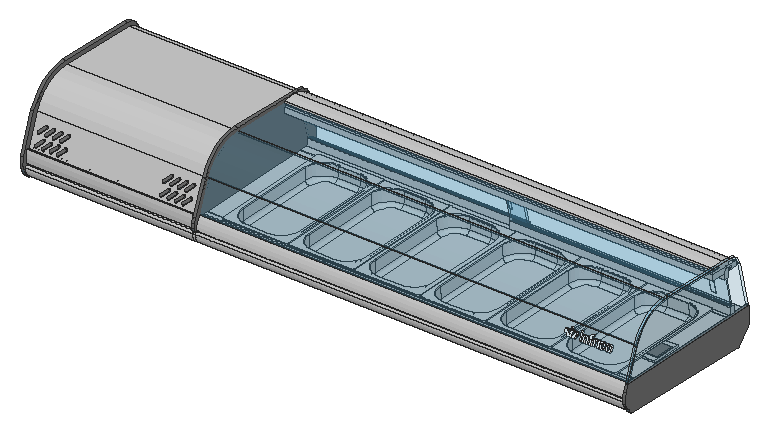
Revit family "QF_INFRICO_VET6P_250815111257", category Specialty Equipment, Revit 2021
Family settings
  Round Connector Dimension = Use Diameter
  Part Type = Normal
  OmniClass Number = 23.40.40.14
  OmniClass Title = Food Service Equipment
  Work Plane-Based = No
  Always vertical = Yes
  Cut with Voids When Loaded = No
  Shared = No
  Room Calculation Point = No
Parameters (values of type "VET6P")
  Weight [instance] = 43.0006 kg
  Warranty Start Date [instance] = ""
  Warranty Duration [instance] = ""
  Volts [instance] = 230 V
  Volt Free Conn [instance] = no
  URL Recommended Spares List [instance] = ""
  URL Manufacturer [instance] = ""
  URL Cutsheet [instance] = ""
  URL Critical Spares List [instance] = ""
  URL = "www.infrico.com"
  Technical Documentation [instance] = ""
  Tag Number [instance] = ""
  Status [instance] = ""
  Start Up Current [instance] = 0 A
  Specification by User [instance] = ""
  Specification by Manufacturer [instance] = ""
  Sound Level [instance] = ""
  Show Logo [instance] = yes
  Show Clearances [instance] = yes
  Service Life Duration [instance] = ""
  Serial Number [instance] = ""
  Seismic Rating [instance] = ""
  SMACNA No [instance] = ""
  Revision Code [instance] = ""
  Revision [instance] = ""
  Production Year [instance] = ""
  Potential Equalisation [instance] = no
  Point Load [instance] = 0
  Phase [instance] = 1
  Other Equipment Approvals [instance] = ""
  Operational Current [instance] = 0 A
  Number of Poles [instance] = 2
  No Load Power Draw [instance] = no
  NAFEM Spec ID Number [instance] = ""
  Model Warning [instance] = ""
  Model = "VET6P"
  Min Ckt Ampacity [instance] = 0 A
  Max Overcurrent Protection [instance] = 0 A
  Masterspec [instance] = ""
  Manufacturer = "INFRICO"
  Main switch integrated [instance] = no
  Length Actual [instance] = 1620.012 mm
  Item Number [instance] = ""
  Installed By [instance] = ""
  Installation Date [instance] = ""
  Identify Quantity as Lot [instance] = no
  ID [instance] = ""
  Hygiene Approval [instance] = ""
  Height Actual [instance] = 230.124 mm
  HP power [instance] = ""
  Furnished By [instance] = ""
  Foodservice Equipment Identifier [instance] = no
  FL Amps [instance] = 0 A
  Electrical Remarks [instance] = ""
  Electric power [instance] = 130 W
  Electric Connection Type [instance] = ""
  Elec Conn RI Height [instance] = 0 mm
  Elec Conn Connection Height [instance] = 0 mm
  ETL Approved [instance] = no
  Description = "BAR DISPLAY EXHIBITOR TAPAS AND APPETIZERS - R600"
  Depth Actual [instance] = 409.956 mm
  Default Elevation = 0 mm
  Cycle [instance] = 50 Hz
  Cost = 0
  Connection to energy optimisation system [instance] = yes
  Conn Plug [instance] = ""
  Conn Conduit [instance] = no
  Centralized building control system with digital interface [instance] = ""
  CSI MasterFormat [instance] = ""
  CE Approved [instance] = no
  Barcode [instance] = 0
  Author [instance] = ""
  Asset Identifier [instance] = ""
  Apparent Power [instance] = 130 VA
  Accessory [instance] = no
Reference planes
  plane 1 "Center (Front/Back)": y = 0
  plane 2: z = 0
  plane 3 "Center (Left/Right)": x = 0
Forms (mm)
  Extrusion 1, solid, not visible
    sketch origin (38.002, -44.002, 9) x (1, 0, 0) y (0, 1, 0)
      loop
        line (-2, 2) -> (-2, -2) -> (2, -2) -> (2, 2) -> (-2, 2)
    from -2 to 2
Dimensions and locks
  locked: nested 2 to Extrusion 1 at 2  (x2)
  aligned and locked: level to plane 2
Nested families
  nested 1: "QF_INFRICO_VET6P_2920" at (0, 0, 0), type "VET6P"
    with Weight 43.0006 kg, Warranty Start Date "", Warranty Duration "", URL Cutsheet "", Technical Documentation "", Tag Number "", Status "", Specification by User "", Specification by Manufacturer "", Sound Level "", Solid Fuel Type "", Show Logo yes, Show Clearances yes, Show Clearance yes, Service Life Duration "", Serial Number "", Seismic Rating "", SMACNA No "", Revision Code "", Revision "", Production Year "", Point Load 0, Other Equipment Approvals "", NAFEM Spec ID Number "", Model Warning "", Masterspec "", Length Actual 1620.012 mm, Item Number "", Installed By "", Installation Date "", Identify Quantity as Lot yes, ID "", Hygiene Approval "", Height Actual 230.124 mm, Furnished By "", Foodservice Equipment Identifier yes, ETL Approved yes, Depth Actual 409.956 mm, CSI MasterFormat "", CE Approved no, Barcode "", Author "", Asset Identifier "", Accessory no
  nested 2: "CONN_POINT_ELE_2D___Generic_Annotation" at (38.002, -44.002, 7), type "CONN_POINT_ELE_2D___Generic_Annotation"
    with Onboard connection annotation symbol visibility yes
Connectors
  electrical at (38.002, -44.002, 7), driven by "Apparent Power", driven by "Number of Poles", driven by "Volts"
    settings: on Extrusion 1, index 1, voltage 230 V, apparent load 0 VA, apparent load phase1 130 VA, apparent load phase2 0 VA, apparent load phase3 0 VA, power factor 1, load classification "Other", number of poles 2, system type 31, power factor state 1, is connector primary yes, connector utility no, sub classification motor no, connector description "Electrical connection for VET6P"
Definition of nested family "QF_INFRICO_VET6P_2920"
  Parameters (values of type "VET6P")
    Weight [instance] = 0.00 kg
    Warranty Start Date [instance] = ""
    Warranty Duration [instance] = ""
    URL Cutsheet [instance] = ""
    URL = "www.infrico.com"
    Technical Documentation [instance] = ""
    Tag Number [instance] = ""
    Status [instance] = ""
    Specification by User [instance] = ""
    Specification by Manufacturer [instance] = ""
    Sound Level [instance] = ""
    Solid Fuel Type [instance] = ""
    Show Logo [instance] = yes
    Show Clearances [instance] = yes
    Show Clearance [instance] = yes
    Service Life Duration [instance] = ""
    Serial Number [instance] = ""
    Seismic Rating [instance] = ""
    SMACNA No [instance] = ""
    Revision Code [instance] = ""
    Revision [instance] = ""
    Production Year [instance] = ""
    Point Load [instance] = 0
    Other Equipment Approvals [instance] = ""
    NAFEM Spec ID Number [instance] = ""
    Model Warning [instance] = ""
    Model = "VET6P"
    Masterspec [instance] = ""
    Manufacturer = "INFRICO"
    Length Actual [instance] = 0 mm
    Item Number [instance] = ""
    Installed By [instance] = ""
    Installation Date [instance] = ""
    Identify Quantity as Lot [instance] = yes
    ID [instance] = ""
    Hygiene Approval [instance] = ""
    Height Actual [instance] = 0 mm
    Furnished By [instance] = ""
    Foodservice Equipment Identifier [instance] = yes
    ETL Approved [instance] = yes
    Description = "BAR DISPLAY EXHIBITOR TAPAS AND APPETIZERS - R600"
    Depth Actual [instance] = 0 mm
    Default Elevation = 0 mm
    CSI MasterFormat [instance] = ""
    CE Approved [instance] = yes
    Barcode [instance] = ""
    Author [instance] = ""
    Asset Identifier [instance] = ""
    Assembly Code = "E1090320"
    Accessory [instance] = yes
  Reference planes
    plane 1 "Back": y = 0
    plane 2: z = 0
    plane 3 "Left": x = 0
    plane 4 "Right": x = 1620
    plane 5 "Front": y = -410
    plane 6 "Top": z = 230
  Forms (mm)
    Extrusion 1, solid
      sketch origin (0, 0, 0) x (0, 1, 0) y (0, 0, 1)
        loop
          arc (-36, 5) -> (-33.764, 5.528) -> (-32, 7) r 5
          line (-32, 7) -> (-1, 42)
          arc (-1, 42) -> (-0.257, 43.419) -> (0, 45) r 5
          line (0, 45) -> (0, 93) -> (-25, 203)
          arc (-25, 203) -> (-37.292, 222.429) -> (-59, 230) r 34.907
          line (-59, 230) -> (-266.176, 230)
          arc (-266.176, 230) -> (-331.51, 209.383) -> (-373.176, 155) r 113.827
          line (-373.176, 155) -> (-407.176, 61)
          arc (-407.176, 61) -> (-407.489, 29.671) -> (-388.176, 5) r 47.366
          line (-388.176, 5) -> (-36, 5)
      from 0 to 8
    Extrusion 2, solid
      sketch origin (458, 0, 0) x (0, 1, 0) y (0, 0, 1)
        loop
          line (-59, 230) -> (-266.176, 230)
          arc (-266.176, 230) -> (-331.51, 209.383) -> (-373.176, 155) r 113.827
          line (-373.176, 155) -> (-407.176, 61)
          arc (-407.176, 61) -> (-408.779, 55.576) -> (-409.723, 50) r 47.366
          arc (-409.723, 50) -> (-407.199, 42.249) -> (-399.723, 39) r 9.929
          line (-399.723, 39) -> (-362.091, 39) -> (-362.091, 5) -> (-95.091, 5) -> (-95.091, 78) -> (-58.091, 78) -> (-58.091, 85) -> (-4.091, 85) -> (-4.091, 111) -> (-25, 203)
          arc (-25, 203) -> (-37.292, 222.429) -> (-59, 230) r 34.907
      from 0 to 8
    Extrusion 3, solid
      sketch origin (0, 0, 0) x (0, 1, 0) y (0, 0, 1)
        loop
          line (-59, 221) -> (-266.176, 221)
          arc (-266.176, 221) -> (-326.388, 201.982) -> (-364.752, 151.829) r 104.827
          line (-364.752, 151.829) -> (-398, 59.909) -> (-396.119, 59.228) -> (-389.691, 77) -> (-387.723, 77) -> (-384.723, 74) -> (-379.723, 74) -> (-379.723, 49)
          arc (-379.723, 49) -> (-382.652, 41.929) -> (-389.723, 39) r 10
          line (-389.723, 39) -> (-399.723, 39)
          arc (-399.723, 39) -> (-403.098, 36.729) -> (-404.723, 33) r 7.268
          arc (-404.723, 33) -> (-399.374, 15.527) -> (-382.723, 8) r 22.18
          line (-382.723, 8) -> (-36.98, 8) -> (-4.091, 45) -> (-4.091, 85) -> (-20, 85) -> (-20, 154) -> (-30, 197)
          arc (-30, 197) -> (-40.178, 214.222) -> (-59, 221) r 29.521
      from 8 to 458
    Extrusion 4, solid
      sketch origin (0, 0, 0) x (0, 1, 0) y (0, 0, 1)
        loop
          line (-398, 77) -> (-399, 77)
          arc (-399, 77) -> (-399.594, 76.594) -> (-400, 76) r 1.947
          arc (-400, 76) -> (-402, 59) -> (-400, 42) r 73.25
          line (-400, 42) -> (-398, 42) -> (-398, 49) -> (-390, 49) -> (-390, 42) -> (-388, 42) -> (-388, 77) -> (-389, 77) -> (-390, 76) -> (-390, 57) -> (-398, 57) -> (-398, 77)
      from 8 to 458
    Extrusion 5, solid
      sketch origin (0, 0, 0) x (0, 1, 0) y (0, 0, 1)
        loop
          arc (-404.723, 33) -> (-399.374, 15.527) -> (-382.723, 8) r 22.18
          line (-382.723, 8) -> (-382.723, 10)
          arc (-382.723, 10) -> (-397.873, 16.849) -> (-402.74, 32.746) r 20.18
          arc (-402.74, 32.746) -> (-401.652, 35.337) -> (-399.386, 37) r 5.268
          line (-399.386, 37) -> (-389.723, 37)
          arc (-389.723, 37) -> (-381.238, 40.515) -> (-377.723, 49) r 12
          line (-377.723, 49) -> (-377.723, 72) -> (-369.723, 72) -> (-369.723, 63) -> (-367.723, 63) -> (-367.723, 74) -> (-379.723, 74) -> (-379.723, 49)
          arc (-379.723, 49) -> (-382.652, 41.929) -> (-389.723, 39) r 10
          line (-389.723, 39) -> (-399.723, 39)
          arc (-399.723, 39) -> (-403.098, 36.729) -> (-404.723, 33) r 7.268
      from 466 to 1612
    Extrusion 6, solid
      sketch origin (-8, 0, 0) x (0, 1, 0) y (0, 0, 1)
        loop
          arc (-404.723, 33) -> (-399.374, 15.527) -> (-382.723, 8) r 22.18
          line (-382.723, 8) -> (-382.723, 10)
          arc (-382.723, 10) -> (-397.873, 16.849) -> (-402.74, 32.746) r 20.18
          arc (-402.74, 32.746) -> (-401.652, 35.337) -> (-399.386, 37) r 5.268
          line (-399.386, 37) -> (-389.723, 37) -> (-389.723, 39) -> (-399.723, 39)
          arc (-399.723, 39) -> (-403.098, 36.729) -> (-404.723, 33) r 7.268
      from 466 to 474
    Extrusion 7, solid
      sketch origin (0, 0, 0) x (0, 1, 0) y (0, 0, 1)
        loop
          line (-379.723, 66) -> (-382.723, 66) -> (-382.723, 49)
          arc (-382.723, 49) -> (-384.774, 44.05) -> (-389.723, 42) r 7
          line (-389.723, 42) -> (-391.565, 51.238) -> (-383.884, 72.475) -> (-385.765, 73.155) -> (-392.568, 54.348) -> (-399.15, 56.729) -> (-392.346, 75.541) -> (-393.131, 76.133)
          arc (-393.131, 76.133) -> (-393.871, 76.325) -> (-394.531, 75.937) r 1
          arc (-394.531, 75.937) -> (-402.595, 60.751) -> (-405.533, 43.81) r 54.562
          line (-405.533, 43.81) -> (-404.723, 43) -> (-398.723, 43) -> (-397.723, 39) -> (-389.723, 39)
          arc (-389.723, 39) -> (-382.652, 41.929) -> (-379.723, 49) r 10
          line (-379.723, 49) -> (-379.723, 66)
      from 466 to 1612
    Extrusion 8, solid
      sketch origin (0, 0, 0) x (0, 1, 0) y (0, 0, 1)
        loop
          line (-84.091, 221) -> (-84.091, 216) -> (-109.091, 216) -> (-109.091, 210) -> (-69.091, 210) -> (-69.091, 215) -> (-62.091, 215) -> (-62.091, 210) -> (-59.091, 210) -> (-59.091, 220)
          arc (-59.091, 220) -> (-51.525, 219.498) -> (-44.091, 218) r 57.25
          line (-44.091, 218) -> (-36.091, 211) -> (-34.774, 212.505)
          arc (-34.774, 212.505) -> (-54.577, 225.298) -> (-77.774, 229.505) r 60.199
          arc (-77.774, 229.505) -> (-93.946, 228.105) -> (-109.774, 224.505) r 118.311
          line (-109.774, 224.505) -> (-109.774, 221) -> (-84.091, 221)
      from 466 to 1612
    Extrusion 9, solid
      sketch origin (0, 0, 0) x (0, 1, 0) y (0, 0, 1)
        loop
          line (-84.091, 221) -> (-266.176, 221)
          arc (-266.176, 221) -> (-326.388, 201.982) -> (-364.752, 151.829) r 104.827
          line (-364.752, 151.829) -> (-399.15, 56.729) -> (-394.448, 55.028) -> (-360.05, 150.128)
          arc (-360.05, 150.128) -> (-323.516, 197.889) -> (-266.176, 216) r 99.827
          line (-266.176, 216) -> (-84.091, 216) -> (-84.091, 221)
      from 466 to 1612
    Extrusion 10, solid
      sketch origin (0, 0, 0) x (0, 1, 0) y (0, 0, 1)
        loop
          line (-110.091, 210) -> (-110.091, 197) -> (-66.091, 197) -> (-66.091, 198) -> (-68.091, 198) -> (-69.091, 199) -> (-69.091, 207) -> (-58.091, 207) -> (-58.091, 199) -> (-59.091, 198) -> (-61.091, 198) -> (-61.091, 197) -> (-53.091, 197) -> (-53.091, 198) -> (-55.091, 198) -> (-56.091, 199) -> (-56.091, 207) -> (-45.091, 207) -> (-45.091, 199) -> (-46.091, 198) -> (-48.091, 198) -> (-48.091, 197) -> (-31.091, 197) -> (-33.091, 210) -> (-110.091, 210)
      from 466 to 1612
    Extrusion 11, solid
      sketch origin (0, 500, 0) x (0, 1, 0) y (0, 0, 1)
        loop
          line (-504.091, 85) -> (-558.091, 85) -> (-558.091, 10) -> (-882.723, 10) -> (-882.723, 8) -> (-536.98, 8) -> (-504.091, 45) -> (-504.091, 85)
      from 466 to 1612
    Extrusion 12, solid
      sketch origin (466, 500, 0) x (0, 1, 0) y (0, 0, 1)
        loop
          line (-558.091, 85) -> (-867.723, 74) -> (-867.723, 10) -> (-558.091, 10) -> (-558.091, 85)
      from 0 to 50
    Extrusion 13, solid
      sketch origin (1562, 500, 0) x (0, 1, 0) y (0, 0, 1)
        loop
          line (-558.091, 85) -> (-867.723, 74) -> (-867.723, 10) -> (-558.091, 10) -> (-558.091, 85)
      from 0 to 50
    Extrusion 14, solid
      sketch origin (0, 500, -10) x (0, 1, 0) y (0, 0, 1)
        loop
          line (-558.091, 47) -> (-558.091, 49) -> (-867.723, 38) -> (-867.723, 36) -> (-558.091, 47)
      from 516 to 1612
    Extrusion 15, solid
      sketch origin (466, -500, 0) x (0, 1, 0) y (0, 0, 1)
        loop
          line (453.909, 198) -> (453.909, 206) -> (444.909, 206) -> (444.909, 198) -> (446.909, 198) -> (446.909, 197) -> (444.409, 197) -> (444.409, 181) -> (446.409, 181) -> (446.409, 187) -> (452.409, 187) -> (452.409, 181) -> (454.409, 181) -> (454.409, 197) -> (451.909, 197) -> (451.909, 198) -> (453.909, 198)
      from 0 to 591
    Extrusion 16, solid
      sketch origin (1197, -513, 0) x (0, 1, 0) y (0, 0, 1)
        loop
          line (453.909, 198) -> (453.909, 206) -> (444.909, 206) -> (444.909, 198) -> (446.909, 198) -> (446.909, 197) -> (444.409, 197) -> (444.409, 181) -> (446.409, 181) -> (446.409, 187) -> (452.409, 187) -> (452.409, 181) -> (454.409, 181) -> (454.409, 197) -> (451.909, 197) -> (451.909, 198) -> (453.909, 198)
      from -176 to 415
    Extrusion 17, solid
      sketch origin (466, -480, 286) x (0, 1, 0) y (0, 0, 1)
        loop
          line (454.409, -201) -> (454.409, -181) -> (452.409, -181) -> (452.409, -187) -> (446.409, -187) -> (446.409, -181) -> (444.409, -181) -> (444.409, -201) -> (454.409, -201)
      from 0 to 591
    Extrusion 18, solid
      sketch origin (1197, -493, 286) x (0, 1, 0) y (0, 0, 1)
        loop
          line (454.409, -201) -> (454.409, -181) -> (452.409, -181) -> (452.409, -187) -> (446.409, -187) -> (446.409, -181) -> (444.409, -181) -> (444.409, -201) -> (454.409, -201)
      from -176 to 415
    Extrusion 19, solid
      sketch origin (176, -500, 0) x (0, 1, 0) y (0, 0, 1)
        loop
          line (472.409, 101.654) -> (451.257, 185.55) -> (446.409, 184.328) -> (467.561, 100.432) -> (472.409, 101.654)
      from 841 to 881
    Extrusion 20, solid
      sketch origin (555, -513, 0) x (0, 1, 0) y (0, 0, 1)
        loop
          line (472.409, 101.654) -> (451.257, 185.55) -> (446.409, 184.328) -> (467.561, 100.432) -> (472.409, 101.654)
      from 466 to 1005
    Extrusion 21, solid
      sketch origin (1005, 0, 0) x (0, 1, 0) y (0, 0, 1)
        loop
          line (-48.743, 185.55) -> (-53.591, 184.328) -> (-32.439, 100.432) -> (-27.591, 101.654) -> (-33.277, 124.209)
          arc (-33.277, 124.209) -> (-40.106, 143.113) -> (-43.056, 162.995) r 101
          line (-43.056, 162.995) -> (-48.743, 185.55)
      from 0 to 12
    Extrusion 22, solid
      sketch origin (-52, -500, 0) x (0, 1, 0) y (0, 0, 1)
        loop
          line (472.409, 101.654) -> (451.257, 185.55) -> (446.409, 184.328) -> (467.561, 100.432) -> (472.409, 101.654)
      from 518 to 1057
    Extrusion 23, solid
      sketch origin (1560, -13, 0) x (0, 1, 0) y (0, 0, 1)
        loop
          line (-48.743, 185.55) -> (-53.591, 184.328) -> (-32.439, 100.432) -> (-27.591, 101.654) -> (-33.277, 124.209)
          arc (-33.277, 124.209) -> (-40.106, 143.113) -> (-43.056, 162.995) r 101
          line (-43.056, 162.995) -> (-48.743, 185.55)
      from 0 to 12
    Extrusion 24, solid
      sketch origin (1106, -513, 0) x (0, 1, 0) y (0, 0, 1)
        loop
          line (472.409, 101.654) -> (451.257, 185.55) -> (446.409, 184.328) -> (467.561, 100.432) -> (472.409, 101.654)
      from 466 to 506
    Extrusion 25, solid
      sketch origin (1612, 0, 0) x (0, 1, 0) y (0, 0, 1)
        loop
          arc (-36, 5) -> (-33.764, 5.528) -> (-32, 7) r 5
          line (-32, 7) -> (-1, 42)
          arc (-1, 42) -> (-0.257, 43.419) -> (0, 45) r 5
          line (0, 45) -> (0, 91) -> (-401.389, 77) -> (-407.176, 61)
          arc (-407.176, 61) -> (-407.489, 29.671) -> (-388.176, 5) r 47.366
          line (-388.176, 5) -> (-36, 5)
      from 0 to 8
    Extrusion 26, solid
      sketch origin (352, -500, 0) x (0, 1, 0) y (0, 0, 1)
        loop
          line (500, 91) -> (500, 93) -> (475, 203)
          arc (475, 203) -> (462.708, 222.429) -> (441, 230) r 34.907
          line (441, 230) -> (233.824, 230)
          arc (233.824, 230) -> (168.49, 209.383) -> (126.824, 155) r 113.827
          line (126.824, 155) -> (98.611, 77) -> (500, 91)
      from 1260 to 1268
    Extrusion 27, solid, visible <- "Show Logo"
      sketch origin (266.769, -613.278, -535.272) x (1, 0, 0) y (0, 0.340136, 0.940376)
        loop
          line (1208.799, 696.53) -> (1208.799, 719.204) -> (1204.173, 719.204) -> (1204.173, 696.53) -> (1208.799, 696.53)
        loop
          line (1214.779, 713.006) -> (1211.283, 713.006) -> (1211.283, 696.53) -> (1215.772, 696.53) -> (1215.772, 707.832)
          arc (1215.772, 707.832) -> (1217.528, 708.741) -> (1219.417, 709.324) r 11.052
          arc (1219.417, 709.324) -> (1220.929, 708.961) -> (1221.598, 707.557) r 1.806
          line (1221.598, 707.557) -> (1221.598, 696.53) -> (1226.121, 696.53) -> (1226.121, 708.689)
          arc (1226.121, 708.689) -> (1224.637, 712.075) -> (1221.141, 713.281) r 4.607
          arc (1221.141, 713.281) -> (1218.282, 712.674) -> (1215.669, 711.361) r 11.435
          line (1215.669, 711.361) -> (1215.601, 712.184)
          arc (1215.601, 712.184) -> (1215.36, 712.765) -> (1214.779, 713.006) r 0.822
        loop
          line (1238.557, 720.102) -> (1237.306, 720.102)
          arc (1237.306, 720.102) -> (1235.052, 719.926) -> (1232.881, 719.297) r 11.103
          arc (1232.881, 719.297) -> (1230.805, 717.616) -> (1230.024, 715.062) r 4.567
          line (1230.024, 715.062) -> (1230.024, 712.909) -> (1227.351, 712.703) -> (1227.351, 709.374) -> (1230.024, 709.374) -> (1230.024, 696.53) -> (1234.547, 696.53) -> (1234.547, 709.374) -> (1238.249, 709.374) -> (1238.249, 712.938) -> (1234.547, 712.938) -> (1234.547, 714.548)
          arc (1234.547, 714.548) -> (1234.956, 715.705) -> (1236.045, 716.271) r 1.67
          line (1236.045, 716.271) -> (1237.7, 716.399)
          arc (1237.7, 716.399) -> (1238.306, 716.65) -> (1238.557, 717.255) r 0.857
          line (1238.557, 717.255) -> (1238.557, 720.102)
        loop
          line (1239.479, 713.006) -> (1239.479, 696.53) -> (1243.968, 696.53) -> (1243.968, 707.352)
          arc (1243.968, 707.352) -> (1245.873, 708.631) -> (1248.077, 709.268) r 7.435
          line (1248.077, 709.268) -> (1249.241, 709.416)
          arc (1249.241, 709.416) -> (1249.643, 709.758) -> (1249.793, 710.265) r 0.928
          line (1249.793, 710.265) -> (1249.793, 712.458)
          arc (1249.793, 712.458) -> (1249.531, 713.061) -> (1248.912, 713.28) r 0.824
          arc (1248.912, 713.28) -> (1246.197, 712.588) -> (1243.899, 710.984) r 7.833
          line (1243.899, 710.984) -> (1243.726, 713.006) -> (1239.479, 713.006)
        loop
          line (1255.495, 696.53) -> (1255.495, 713.006) -> (1251.006, 713.006) -> (1251.006, 696.53) -> (1255.495, 696.53)
        loop
          arc (1257.421, 701.327) -> (1258.567, 698.188) -> (1261.466, 696.525) r 4.873
          arc (1261.466, 696.525) -> (1264.493, 696.266) -> (1267.521, 696.525) r 17.816
          arc (1267.521, 696.525) -> (1270.575, 699.134) -> (1271.505, 703.041) r 6.481
          line (1271.505, 703.041) -> (1267.187, 703.041) -> (1267.187, 701.67)
          arc (1267.187, 701.67) -> (1266.64, 700.452) -> (1265.442, 699.865) r 1.965
          arc (1265.442, 699.865) -> (1264.547, 699.816) -> (1263.653, 699.865) r 8.196
          arc (1263.653, 699.865) -> (1262.417, 700.415) -> (1261.91, 701.67) r 1.806
          line (1261.91, 701.67) -> (1261.91, 707.9)
          arc (1261.91, 707.9) -> (1262.417, 709.155) -> (1263.653, 709.705) r 1.806
          arc (1263.653, 709.705) -> (1264.547, 709.754) -> (1265.442, 709.705) r 8.196
          arc (1265.442, 709.705) -> (1266.64, 709.118) -> (1267.187, 707.9) r 1.965
          line (1267.187, 707.9) -> (1267.187, 706.838) -> (1271.505, 706.838)
          arc (1271.505, 706.838) -> (1270.524, 710.556) -> (1267.521, 712.959) r 6.132
          arc (1267.521, 712.959) -> (1264.493, 713.294) -> (1261.466, 712.959) r 13.851
          arc (1261.466, 712.959) -> (1258.571, 711.349) -> (1257.421, 708.243) r 4.772
          line (1257.421, 708.243) -> (1257.421, 701.327)
        loop
          arc (1272.916, 701.329) -> (1273.993, 698.345) -> (1276.726, 696.734) r 4.676
          arc (1276.726, 696.734) -> (1278.515, 696.455) -> (1280.318, 696.291) r 28.371
          arc (1280.318, 696.291) -> (1282.122, 696.455) -> (1283.911, 696.734) r 28.371
          arc (1283.911, 696.734) -> (1286.644, 698.345) -> (1287.72, 701.329) r 4.676
          line (1287.72, 701.329) -> (1287.72, 708.242)
          arc (1287.72, 708.242) -> (1286.644, 711.226) -> (1283.911, 712.837) r 4.676
          arc (1283.911, 712.837) -> (1282.122, 713.116) -> (1280.318, 713.28) r 28.371
          arc (1280.318, 713.28) -> (1278.515, 713.116) -> (1276.726, 712.837) r 28.371
          arc (1276.726, 712.837) -> (1273.993, 711.226) -> (1272.916, 708.242) r 4.676
          line (1272.916, 708.242) -> (1272.916, 701.329)
        loop
          line (1277.405, 707.866) -> (1277.405, 701.705)
          arc (1277.405, 701.705) -> (1277.844, 700.556) -> (1278.936, 699.991) r 1.725
          arc (1278.936, 699.991) -> (1279.627, 699.918) -> (1280.318, 699.856) r 46.133
          arc (1280.318, 699.856) -> (1281.01, 699.918) -> (1281.701, 699.991) r 46.133
          arc (1281.701, 699.991) -> (1282.793, 700.556) -> (1283.231, 701.705) r 1.725
          line (1283.231, 701.705) -> (1283.231, 707.866)
          arc (1283.231, 707.866) -> (1282.793, 709.015) -> (1281.701, 709.58) r 1.725
          arc (1281.701, 709.58) -> (1281.01, 709.653) -> (1280.318, 709.716) r 46.133
          arc (1280.318, 709.716) -> (1279.627, 709.653) -> (1278.936, 709.58) r 46.133
          arc (1278.936, 709.58) -> (1277.844, 709.015) -> (1277.405, 707.866) r 1.725
        loop
          arc (1190.339, 696.543) -> (1191.411, 696.987) -> (1191.856, 698.059) r 1.516
          line (1191.856, 698.059) -> (1191.856, 703.891) -> (1196.035, 703.891)
          arc (1196.035, 703.891) -> (1196.79, 704.121) -> (1197.218, 704.782) r 1.147
          line (1197.218, 704.782) -> (1197.218, 706.211)
          arc (1197.218, 706.211) -> (1196.787, 707.258) -> (1195.719, 707.634) r 1.385
          line (1195.719, 707.634) -> (1194.52, 707.634) -> (1197.218, 710.332)
          arc (1197.218, 710.332) -> (1197.605, 711.266) -> (1197.218, 712.2) r 1.321
          line (1197.218, 712.2) -> (1196.495, 712.923)
          arc (1196.495, 712.923) -> (1195.54, 713.338) -> (1194.558, 712.991) r 1.422
          line (1194.558, 712.991) -> (1191.853, 710.286) -> (1191.853, 711.479)
          arc (1191.853, 711.479) -> (1191.443, 712.516) -> (1190.435, 712.992) r 1.516
          line (1190.435, 712.992) -> (1189.514, 712.992)
          arc (1189.514, 712.992) -> (1188.511, 712.514) -> (1188.103, 711.479) r 1.516
          line (1188.103, 711.479) -> (1188.103, 706.83) -> (1182.073, 701.336) -> (1182.073, 707.509) -> (1185.639, 711.075)
          arc (1185.639, 711.075) -> (1186.053, 712.073) -> (1185.639, 713.071) r 1.412
          line (1185.639, 713.071) -> (1184.987, 713.723)
          arc (1184.987, 713.723) -> (1183.939, 714.141) -> (1182.915, 713.667) r 1.428
          line (1182.915, 713.667) -> (1182.073, 712.825) -> (1182.073, 717.784)
          arc (1182.073, 717.784) -> (1181.658, 718.787) -> (1180.655, 719.203) r 1.418
          line (1180.655, 719.203) -> (1179.726, 719.203)
          arc (1179.726, 719.203) -> (1178.723, 718.787) -> (1178.308, 717.784) r 1.418
          line (1178.308, 717.784) -> (1178.308, 712.825) -> (1177.466, 713.667)
          arc (1177.466, 713.667) -> (1176.442, 714.141) -> (1175.394, 713.723) r 1.428
          line (1175.394, 713.723) -> (1174.742, 713.071)
          arc (1174.742, 713.071) -> (1174.328, 712.073) -> (1174.742, 711.075) r 1.412
          line (1174.742, 711.075) -> (1178.308, 707.509) -> (1178.308, 701.336) -> (1172.278, 706.83) -> (1172.278, 711.479)
          arc (1172.278, 711.479) -> (1171.87, 712.514) -> (1170.867, 712.992) r 1.516
          line (1170.867, 712.992) -> (1169.946, 712.992)
          arc (1169.946, 712.992) -> (1168.938, 712.516) -> (1168.528, 711.479) r 1.516
          line (1168.528, 711.479) -> (1168.528, 710.286) -> (1165.823, 712.991)
          arc (1165.823, 712.991) -> (1164.841, 713.338) -> (1163.886, 712.923) r 1.422
          line (1163.886, 712.923) -> (1163.163, 712.2)
          arc (1163.163, 712.2) -> (1162.776, 711.266) -> (1163.163, 710.332) r 1.321
          line (1163.163, 710.332) -> (1165.861, 707.634) -> (1164.662, 707.634)
          arc (1164.662, 707.634) -> (1163.594, 707.258) -> (1163.163, 706.211) r 1.385
          line (1163.163, 706.211) -> (1163.163, 704.782)
          arc (1163.163, 704.782) -> (1163.591, 704.121) -> (1164.346, 703.891) r 1.147
          line (1164.346, 703.891) -> (1168.525, 703.891) -> (1168.525, 698.059)
          arc (1168.525, 698.059) -> (1168.969, 696.987) -> (1170.042, 696.543) r 1.516
          line (1170.042, 696.543) -> (1190.339, 696.543)
      from 0 to 2
    Extrusion 28, solid
      sketch origin (0, -19.9, -42) x (1, 0, 0) y (0, 0, 1)
        loop
          arc (355.95, 156.95) -> (351, 156.95) -> (351, 152) r 3.5
          line (351, 152) -> (366.556, 136.444)
          arc (366.556, 136.444) -> (371.506, 136.444) -> (371.506, 141.393) r 3.5
          line (371.506, 141.393) -> (355.95, 156.95)
        loop
          arc (335.95, 156.95) -> (331, 156.95) -> (331, 152) r 3.5
          line (331, 152) -> (346.556, 136.444)
          arc (346.556, 136.444) -> (351.506, 136.444) -> (351.506, 141.393) r 3.5
          line (351.506, 141.393) -> (335.95, 156.95)
        loop
          arc (315.95, 156.95) -> (311, 156.95) -> (311, 152) r 3.5
          line (311, 152) -> (326.556, 136.444)
          arc (326.556, 136.444) -> (331.506, 136.444) -> (331.506, 141.393) r 3.5
          line (331.506, 141.393) -> (315.95, 156.95)
        loop
          arc (295.95, 156.95) -> (291, 156.95) -> (291, 152) r 3.5
          line (291, 152) -> (306.556, 136.444)
          arc (306.556, 136.444) -> (311.506, 136.444) -> (311.506, 141.393) r 3.5
          line (311.506, 141.393) -> (295.95, 156.95)
        loop
          arc (275.95, 156.95) -> (271, 156.95) -> (271, 152) r 3.5
          line (271, 152) -> (286.556, 136.444)
          arc (286.556, 136.444) -> (291.506, 136.444) -> (291.506, 141.393) r 3.5
          line (291.506, 141.393) -> (275.95, 156.95)
        loop
          arc (255.95, 156.95) -> (251, 156.95) -> (251, 152) r 3.5
          line (251, 152) -> (266.556, 136.444)
          arc (266.556, 136.444) -> (271.506, 136.444) -> (271.506, 141.393) r 3.5
          line (271.506, 141.393) -> (255.95, 156.95)
        loop
          arc (355.95, 186.95) -> (351, 186.95) -> (351, 182) r 3.5
          line (351, 182) -> (366.556, 166.444)
          arc (366.556, 166.444) -> (371.506, 166.444) -> (371.506, 171.393) r 3.5
          line (371.506, 171.393) -> (355.95, 186.95)
        loop
          arc (335.95, 186.95) -> (331, 186.95) -> (331, 182) r 3.5
          line (331, 182) -> (346.556, 166.444)
          arc (346.556, 166.444) -> (351.506, 166.444) -> (351.506, 171.393) r 3.5
          line (351.506, 171.393) -> (335.95, 186.95)
        loop
          arc (315.95, 186.95) -> (311, 186.95) -> (311, 182) r 3.5
          line (311, 182) -> (326.556, 166.444)
          arc (326.556, 166.444) -> (331.506, 166.444) -> (331.506, 171.393) r 3.5
          line (331.506, 171.393) -> (315.95, 186.95)
        loop
          arc (295.95, 186.95) -> (291, 186.95) -> (291, 182) r 3.5
          line (291, 182) -> (306.556, 166.444)
          arc (306.556, 166.444) -> (311.506, 166.444) -> (311.506, 171.393) r 3.5
          line (311.506, 171.393) -> (295.95, 186.95)
        loop
          arc (275.95, 186.95) -> (271, 186.95) -> (271, 182) r 3.5
          line (271, 182) -> (286.556, 166.444)
          arc (286.556, 166.444) -> (291.506, 166.444) -> (291.506, 171.393) r 3.5
          line (291.506, 171.393) -> (275.95, 186.95)
        loop
          arc (255.95, 186.95) -> (251, 186.95) -> (251, 182) r 3.5
          line (251, 182) -> (266.556, 166.444)
          arc (266.556, 166.444) -> (271.506, 166.444) -> (271.506, 171.393) r 3.5
          line (271.506, 171.393) -> (255.95, 186.95)
        loop
          arc (180.95, 156.95) -> (176, 156.95) -> (176, 152) r 3.5
          line (176, 152) -> (191.556, 136.444)
          arc (191.556, 136.444) -> (196.506, 136.444) -> (196.506, 141.393) r 3.5
          line (196.506, 141.393) -> (180.95, 156.95)
        loop
          arc (180.95, 186.95) -> (176, 186.95) -> (176, 182) r 3.5
          line (176, 182) -> (191.556, 166.444)
          arc (191.556, 166.444) -> (196.506, 166.444) -> (196.506, 171.393) r 3.5
          line (196.506, 171.393) -> (180.95, 186.95)
        loop
          arc (160.95, 156.95) -> (156, 156.95) -> (156, 152) r 3.5
          line (156, 152) -> (171.556, 136.444)
          arc (171.556, 136.444) -> (176.506, 136.444) -> (176.506, 141.393) r 3.5
          line (176.506, 141.393) -> (160.95, 156.95)
        loop
          arc (160.95, 186.95) -> (156, 186.95) -> (156, 182) r 3.5
          line (156, 182) -> (171.556, 166.444)
          arc (171.556, 166.444) -> (176.506, 166.444) -> (176.506, 171.393) r 3.5
          line (176.506, 171.393) -> (160.95, 186.95)
        loop
          arc (140.95, 156.95) -> (136, 156.95) -> (136, 152) r 3.5
          line (136, 152) -> (151.556, 136.444)
          arc (151.556, 136.444) -> (156.506, 136.444) -> (156.506, 141.393) r 3.5
          line (156.506, 141.393) -> (140.95, 156.95)
        loop
          arc (140.95, 186.95) -> (136, 186.95) -> (136, 182) r 3.5
          line (136, 182) -> (151.556, 166.444)
          arc (151.556, 166.444) -> (156.506, 166.444) -> (156.506, 171.393) r 3.5
          line (156.506, 171.393) -> (140.95, 186.95)
        loop
          arc (60.95, 156.95) -> (56, 156.95) -> (56, 152) r 3.5
          line (56, 152) -> (71.556, 136.444)
          arc (71.556, 136.444) -> (76.506, 136.444) -> (76.506, 141.393) r 3.5
          line (76.506, 141.393) -> (60.95, 156.95)
        loop
          arc (60.95, 186.95) -> (56, 186.95) -> (56, 182) r 3.5
          line (56, 182) -> (71.556, 166.444)
          arc (71.556, 166.444) -> (76.506, 166.444) -> (76.506, 171.393) r 3.5
          line (76.506, 171.393) -> (60.95, 186.95)
        loop
          arc (40.95, 156.95) -> (36, 156.95) -> (36, 152) r 3.5
          line (36, 152) -> (51.556, 136.444)
          arc (51.556, 136.444) -> (56.506, 136.444) -> (56.506, 141.393) r 3.5
          line (56.506, 141.393) -> (40.95, 156.95)
        loop
          arc (40.95, 186.95) -> (36, 186.95) -> (36, 182) r 3.5
          line (36, 182) -> (51.556, 166.444)
          arc (51.556, 166.444) -> (56.506, 166.444) -> (56.506, 171.393) r 3.5
          line (56.506, 171.393) -> (40.95, 186.95)
        loop
          arc (20.95, 156.95) -> (16, 156.95) -> (16, 152) r 3.5
          line (16, 152) -> (31.556, 136.444)
          arc (31.556, 136.444) -> (36.506, 136.444) -> (36.506, 141.393) r 3.5
          line (36.506, 141.393) -> (20.95, 156.95)
        loop
          arc (20.95, 186.95) -> (16, 186.95) -> (16, 182) r 3.5
          line (16, 182) -> (31.556, 166.444)
          arc (31.556, 166.444) -> (36.506, 166.444) -> (36.506, 171.393) r 3.5
          line (36.506, 171.393) -> (20.95, 186.95)
      from 0 to 2
    Extrusion 29, solid
      sketch origin (0, 14.914, 4.3) x (1, 0, 0) y (0, -0.226513, 0.974008)
        loop
          arc (355.95, 186.95) -> (351, 186.95) -> (351, 182) r 3.5
          line (351, 182) -> (366.556, 166.444)
          arc (366.556, 166.444) -> (371.506, 166.444) -> (371.506, 171.393) r 3.5
          line (371.506, 171.393) -> (355.95, 186.95)
        loop
          arc (335.95, 186.95) -> (331, 186.95) -> (331, 182) r 3.5
          line (331, 182) -> (346.556, 166.444)
          arc (346.556, 166.444) -> (351.506, 166.444) -> (351.506, 171.393) r 3.5
          line (351.506, 171.393) -> (335.95, 186.95)
        loop
          arc (315.95, 186.95) -> (311, 186.95) -> (311, 182) r 3.5
          line (311, 182) -> (326.556, 166.444)
          arc (326.556, 166.444) -> (331.506, 166.444) -> (331.506, 171.393) r 3.5
          line (331.506, 171.393) -> (315.95, 186.95)
        loop
          arc (295.95, 186.95) -> (291, 186.95) -> (291, 182) r 3.5
          line (291, 182) -> (306.556, 166.444)
          arc (306.556, 166.444) -> (311.506, 166.444) -> (311.506, 171.393) r 3.5
          line (311.506, 171.393) -> (295.95, 186.95)
        loop
          arc (275.95, 186.95) -> (271, 186.95) -> (271, 182) r 3.5
          line (271, 182) -> (286.556, 166.444)
          arc (286.556, 166.444) -> (291.506, 166.444) -> (291.506, 171.393) r 3.5
          line (291.506, 171.393) -> (275.95, 186.95)
        loop
          arc (255.95, 186.95) -> (251, 186.95) -> (251, 182) r 3.5
          line (251, 182) -> (266.556, 166.444)
          arc (266.556, 166.444) -> (271.506, 166.444) -> (271.506, 171.393) r 3.5
          line (271.506, 171.393) -> (255.95, 186.95)
        loop
          arc (180.95, 186.95) -> (176, 186.95) -> (176, 182) r 3.5
          line (176, 182) -> (191.556, 166.444)
          arc (191.556, 166.444) -> (196.506, 166.444) -> (196.506, 171.393) r 3.5
          line (196.506, 171.393) -> (180.95, 186.95)
        loop
          arc (160.95, 186.95) -> (156, 186.95) -> (156, 182) r 3.5
          line (156, 182) -> (171.556, 166.444)
          arc (171.556, 166.444) -> (176.506, 166.444) -> (176.506, 171.393) r 3.5
          line (176.506, 171.393) -> (160.95, 186.95)
        loop
          arc (140.95, 186.95) -> (136, 186.95) -> (136, 182) r 3.5
          line (136, 182) -> (151.556, 166.444)
          arc (151.556, 166.444) -> (156.506, 166.444) -> (156.506, 171.393) r 3.5
          line (156.506, 171.393) -> (140.95, 186.95)
        loop
          arc (60.95, 186.95) -> (56, 186.95) -> (56, 182) r 3.5
          line (56, 182) -> (71.556, 166.444)
          arc (71.556, 166.444) -> (76.506, 166.444) -> (76.506, 171.393) r 3.5
          line (76.506, 171.393) -> (60.95, 186.95)
        loop
          arc (40.95, 186.95) -> (36, 186.95) -> (36, 182) r 3.5
          line (36, 182) -> (51.556, 166.444)
          arc (51.556, 166.444) -> (56.506, 166.444) -> (56.506, 171.393) r 3.5
          line (56.506, 171.393) -> (40.95, 186.95)
        loop
          arc (20.95, 186.95) -> (16, 186.95) -> (16, 182) r 3.5
          line (16, 182) -> (31.556, 166.444)
          arc (31.556, 166.444) -> (36.506, 166.444) -> (36.506, 171.393) r 3.5
          line (36.506, 171.393) -> (20.95, 186.95)
      from 0 to 2
    Extrusion 30, solid
      sketch origin (0, -429.349, -32.367) x (1, 0, 0) y (0, 0.340136, 0.940376)
        loop
          line (393.05, 141.95) -> (377.494, 126.393)
          arc (377.494, 126.393) -> (377.494, 121.444) -> (382.444, 121.444) r 3.5
          line (382.444, 121.444) -> (398, 137)
          arc (398, 137) -> (398, 141.95) -> (393.05, 141.95) r 3.5
        loop
          line (393.05, 171.95) -> (377.494, 156.393)
          arc (377.494, 156.393) -> (377.494, 151.444) -> (382.444, 151.444) r 3.5
          line (382.444, 151.444) -> (398, 167)
          arc (398, 167) -> (398, 171.95) -> (393.05, 171.95) r 3.5
        loop
          line (413.05, 141.95) -> (397.494, 126.393)
          arc (397.494, 126.393) -> (397.494, 121.444) -> (402.444, 121.444) r 3.5
          line (402.444, 121.444) -> (418, 137)
          arc (418, 137) -> (418, 141.95) -> (413.05, 141.95) r 3.5
        loop
          line (413.05, 171.95) -> (397.494, 156.393)
          arc (397.494, 156.393) -> (397.494, 151.444) -> (402.444, 151.444) r 3.5
          line (402.444, 151.444) -> (418, 167)
          arc (418, 167) -> (418, 171.95) -> (413.05, 171.95) r 3.5
        loop
          line (433.05, 141.95) -> (417.494, 126.393)
          arc (417.494, 126.393) -> (417.494, 121.444) -> (422.444, 121.444) r 3.5
          line (422.444, 121.444) -> (438, 137)
          arc (438, 137) -> (438, 141.95) -> (433.05, 141.95) r 3.5
        loop
          line (433.05, 171.95) -> (417.494, 156.393)
          arc (417.494, 156.393) -> (417.494, 151.444) -> (422.444, 151.444) r 3.5
          line (422.444, 151.444) -> (438, 167)
          arc (438, 167) -> (438, 171.95) -> (433.05, 171.95) r 3.5
        loop
          line (373.05, 141.95) -> (357.494, 126.393)
          arc (357.494, 126.393) -> (357.494, 121.444) -> (362.444, 121.444) r 3.5
          line (362.444, 121.444) -> (378, 137)
          arc (378, 137) -> (378, 141.95) -> (373.05, 141.95) r 3.5
        loop
          line (373.05, 171.95) -> (357.494, 156.393)
          arc (357.494, 156.393) -> (357.494, 151.444) -> (362.444, 151.444) r 3.5
          line (362.444, 151.444) -> (378, 167)
          arc (378, 167) -> (378, 171.95) -> (373.05, 171.95) r 3.5
        loop
          line (58.05, 141.95) -> (42.494, 126.393)
          arc (42.494, 126.393) -> (42.494, 121.444) -> (47.444, 121.444) r 3.5
          line (47.444, 121.444) -> (63, 137)
          arc (63, 137) -> (63, 141.95) -> (58.05, 141.95) r 3.5
        loop
          line (58.05, 171.95) -> (42.494, 156.393)
          arc (42.494, 156.393) -> (42.494, 151.444) -> (47.444, 151.444) r 3.5
          line (47.444, 151.444) -> (63, 167)
          arc (63, 167) -> (63, 171.95) -> (58.05, 171.95) r 3.5
        loop
          line (78.05, 141.95) -> (62.494, 126.393)
          arc (62.494, 126.393) -> (62.494, 121.444) -> (67.444, 121.444) r 3.5
          line (67.444, 121.444) -> (83, 137)
          arc (83, 137) -> (83, 141.95) -> (78.05, 141.95) r 3.5
        loop
          line (78.05, 171.95) -> (62.494, 156.393)
          arc (62.494, 156.393) -> (62.494, 151.444) -> (67.444, 151.444) r 3.5
          line (67.444, 151.444) -> (83, 167)
          arc (83, 167) -> (83, 171.95) -> (78.05, 171.95) r 3.5
        loop
          line (98.05, 141.95) -> (82.494, 126.393)
          arc (82.494, 126.393) -> (82.494, 121.444) -> (87.444, 121.444) r 3.5
          line (87.444, 121.444) -> (103, 137)
          arc (103, 137) -> (103, 141.95) -> (98.05, 141.95) r 3.5
        loop
          line (98.05, 171.95) -> (82.494, 156.393)
          arc (82.494, 156.393) -> (82.494, 151.444) -> (87.444, 151.444) r 3.5
          line (87.444, 151.444) -> (103, 167)
          arc (103, 167) -> (103, 171.95) -> (98.05, 171.95) r 3.5
        loop
          line (38.05, 141.95) -> (22.494, 126.393)
          arc (22.494, 126.393) -> (22.494, 121.444) -> (27.444, 121.444) r 3.5
          line (27.444, 121.444) -> (43, 137)
          arc (43, 137) -> (43, 141.95) -> (38.05, 141.95) r 3.5
        loop
          line (38.05, 171.95) -> (22.494, 156.393)
          arc (22.494, 156.393) -> (22.494, 151.444) -> (27.444, 151.444) r 3.5
          line (27.444, 151.444) -> (43, 167)
          arc (43, 167) -> (43, 171.95) -> (38.05, 171.95) r 3.5
      from 0 to 2
    Extrusion 31, solid
      sketch origin (0, -500, 0) x (0, 1, 0) y (0, 0, 1)
        loop
          line (117.277, 8) -> (137.909, 8) -> (137.909, 10) -> (117.277, 10) -> (117.277, 8)
        loop
          line (404.909, 8) -> (463.02, 8) -> (495.909, 45) -> (495.909, 85) -> (493.909, 85) -> (493.909, 45.76) -> (462.122, 10) -> (404.909, 10) -> (404.909, 8)
      from 458 to 466
    Revolve 32, solid
      sketch origin (24, -70, 0) x (0, 1, 0) y (0, 0, 1)
        loop
          line (0, 0) -> (0, 8) -> (-13, 8)
          arc (-13, 8) -> (-14.414, 7.414) -> (-15, 6) r 2
          line (-15, 6) -> (-15, 2) -> (-12, 2) -> (-12, 0) -> (0, 0)
        axis (0, 0) -> (0, 8)
      angle from 0 to 360
    Revolve 33, solid
      sketch origin (24, -350, 0) x (0, 1, 0) y (0, 0, 1)
        loop
          line (0, 0) -> (0, 8) -> (-13, 8)
          arc (-13, 8) -> (-14.414, 7.414) -> (-15, 6) r 2
          line (-15, 6) -> (-15, 2) -> (-12, 2) -> (-12, 0) -> (0, 0)
        axis (0, 0) -> (0, 8)
      angle from 0 to 360
    Revolve 34, solid
      sketch origin (522, -110, 0) x (0, 1, 0) y (0, 0, 1)
        loop
          line (0, 0) -> (0, 8) -> (-13, 8)
          arc (-13, 8) -> (-14.414, 7.414) -> (-15, 6) r 2
          line (-15, 6) -> (-15, 2) -> (-12, 2) -> (-12, 0) -> (0, 0)
        axis (0, 0) -> (0, 8)
      angle from 0 to 360
    Revolve 35, solid
      sketch origin (522, -350, 0) x (0, 1, 0) y (0, 0, 1)
        loop
          line (0, 0) -> (0, 8) -> (-13, 8)
          arc (-13, 8) -> (-14.414, 7.414) -> (-15, 6) r 2
          line (-15, 6) -> (-15, 2) -> (-12, 2) -> (-12, 0) -> (0, 0)
        axis (0, 0) -> (0, 8)
      angle from 0 to 360
    Revolve 36, solid
      sketch origin (1556, -110, 0) x (0, 1, 0) y (0, 0, 1)
        loop
          line (0, 0) -> (0, 8) -> (-13, 8)
          arc (-13, 8) -> (-14.414, 7.414) -> (-15, 6) r 2
          line (-15, 6) -> (-15, 2) -> (-12, 2) -> (-12, 0) -> (0, 0)
        axis (0, 0) -> (0, 8)
      angle from 0 to 360
    Revolve 37, solid
      sketch origin (1556, -350, 0) x (0, 1, 0) y (0, 0, 1)
        loop
          line (0, 0) -> (0, 8) -> (-13, 8)
          arc (-13, 8) -> (-14.414, 7.414) -> (-15, 6) r 2
          line (-15, 6) -> (-15, 2) -> (-12, 2) -> (-12, 0) -> (0, 0)
        axis (0, 0) -> (0, 8)
      angle from 0 to 360
    Revolve 38, solid
      sketch origin (398, -210, 0) x (0, 1, 0) y (0, 0, 1)
        loop
          line (0, 0) -> (0, 8) -> (-13, 8)
          arc (-13, 8) -> (-14.414, 7.414) -> (-15, 6) r 2
          line (-15, 6) -> (-15, 2) -> (-12, 2) -> (-12, 0) -> (0, 0)
        axis (0, 0) -> (0, 8)
      angle from 0 to 360
    Extrusion 39, solid
      sketch origin (333.786, -706.979, 20.205) x (-1, 0, 0) y (0, -0.99937, -0.035504)
        loop
          arc (-236.214, -637.957) -> (-208.637, -626.534) -> (-197.214, -598.957) r 39
          line (-197.214, -598.957) -> (-197.214, -391.957)
          arc (-197.214, -391.957) -> (-208.637, -364.38) -> (-236.214, -352.957) r 39
          line (-236.214, -352.957) -> (-294.214, -352.957)
          arc (-294.214, -352.957) -> (-321.791, -364.38) -> (-333.214, -391.957) r 39
          line (-333.214, -391.957) -> (-333.214, -598.957)
          arc (-333.214, -598.957) -> (-321.791, -626.534) -> (-294.214, -637.957) r 39
          line (-294.214, -637.957) -> (-236.214, -637.957)
      from 0 to 2
    Extrusion 40, solid
      sketch origin (1651.523, 2777.565, 186.024) x (-1, 0, 0) y (0, -0.99937, -0.035504)
        loop
          arc (1130.523, 3096.278) -> (1116.172, 3130.926) -> (1081.523, 3145.278) r 49
          line (1081.523, 3145.278) -> (1023.523, 3145.278)
          arc (1023.523, 3145.278) -> (988.875, 3130.926) -> (974.523, 3096.278) r 49
          line (974.523, 3096.278) -> (974.523, 2889.278)
          arc (974.523, 2889.278) -> (988.175, 2855.344) -> (1021.524, 2840.319) r 49
          line (1021.524, 2840.319) -> (1083.522, 2840.319)
          arc (1083.522, 2840.319) -> (1116.871, 2855.344) -> (1130.523, 2889.278) r 49
          line (1130.523, 2889.278) -> (1130.523, 3096.278)
        loop
          arc (1140.523, 3150.278) -> (1139.059, 3153.813) -> (1135.523, 3155.278) r 5
          line (1135.523, 3155.278) -> (969.523, 3155.278)
          arc (969.523, 3155.278) -> (965.988, 3153.813) -> (964.523, 3150.278) r 5
          line (964.523, 3150.278) -> (964.523, 2835.319)
          arc (964.523, 2835.319) -> (965.988, 2831.783) -> (969.523, 2830.319) r 5
          line (969.523, 2830.319) -> (1135.523, 2830.319)
          arc (1135.523, 2830.319) -> (1139.059, 2831.783) -> (1140.523, 2835.319) r 5
          line (1140.523, 2835.319) -> (1140.523, 3150.278)
      from 0 to 2
    Sweep 41, solid
      path origin (-292.667, -1072.346, 49.252) x (1, 0, 0) y (0, 0.99937, 0.035504)
        loop
          line (813.667, 963.062) -> (813.667, 756.062)
          arc (813.667, 756.062) -> (828.019, 721.414) -> (862.667, 707.062) r 49
          line (862.667, 707.062) -> (920.667, 707.062)
          arc (920.667, 707.062) -> (955.316, 721.414) -> (969.667, 756.062) r 49
          line (969.667, 756.062) -> (969.667, 963.062)
          arc (969.667, 963.062) -> (955.316, 997.71) -> (920.667, 1012.062) r 49
          line (920.667, 1012.062) -> (862.667, 1012.062)
          arc (862.667, 1012.062) -> (828.019, 997.71) -> (813.667, 963.062) r 49
      profile origin (521, -213.326, 79.769) x (1, 0, 0) y (0, -0.035504, 0.99937)
        loop
          line (0, 0) -> (-2, 0) -> (-2, -30)
          arc (-2, -30) -> (1.515, -38.485) -> (10, -42) r 12
          line (10, -42) -> (10, -40)
          arc (10, -40) -> (2.929, -37.071) -> (0, -30) r 10
          line (0, -30) -> (0, 0)
    Extrusion 42, solid
      sketch origin (509.786, -706.979, 20.205) x (-1, 0, 0) y (0, -0.99937, -0.035504)
        loop
          arc (-236.214, -637.957) -> (-208.637, -626.534) -> (-197.214, -598.957) r 39
          line (-197.214, -598.957) -> (-197.214, -391.957)
          arc (-197.214, -391.957) -> (-208.637, -364.38) -> (-236.214, -352.957) r 39
          line (-236.214, -352.957) -> (-294.214, -352.957)
          arc (-294.214, -352.957) -> (-321.791, -364.38) -> (-333.214, -391.957) r 39
          line (-333.214, -391.957) -> (-333.214, -598.957)
          arc (-333.214, -598.957) -> (-321.791, -626.534) -> (-294.214, -637.957) r 39
          line (-294.214, -637.957) -> (-236.214, -637.957)
      from 0 to 2
    Extrusion 43, solid
      sketch origin (1827.523, 2777.565, 186.024) x (-1, 0, 0) y (0, -0.99937, -0.035504)
        loop
          arc (1130.523, 3096.278) -> (1116.172, 3130.926) -> (1081.523, 3145.278) r 49
          line (1081.523, 3145.278) -> (1023.523, 3145.278)
          arc (1023.523, 3145.278) -> (988.875, 3130.926) -> (974.523, 3096.278) r 49
          line (974.523, 3096.278) -> (974.523, 2889.278)
          arc (974.523, 2889.278) -> (988.175, 2855.344) -> (1021.524, 2840.319) r 49
          line (1021.524, 2840.319) -> (1083.522, 2840.319)
          arc (1083.522, 2840.319) -> (1116.871, 2855.344) -> (1130.523, 2889.278) r 49
          line (1130.523, 2889.278) -> (1130.523, 3096.278)
        loop
          arc (1140.523, 3150.278) -> (1139.059, 3153.813) -> (1135.523, 3155.278) r 5
          line (1135.523, 3155.278) -> (969.523, 3155.278)
          arc (969.523, 3155.278) -> (965.988, 3153.813) -> (964.523, 3150.278) r 5
          line (964.523, 3150.278) -> (964.523, 2835.319)
          arc (964.523, 2835.319) -> (965.988, 2831.783) -> (969.523, 2830.319) r 5
          line (969.523, 2830.319) -> (1135.523, 2830.319)
          arc (1135.523, 2830.319) -> (1139.059, 2831.783) -> (1140.523, 2835.319) r 5
          line (1140.523, 2835.319) -> (1140.523, 3150.278)
      from 0 to 2
    Sweep 44, solid
      path origin (-116.667, -1072.346, 49.252) x (1, 0, 0) y (0, 0.99937, 0.035504)
        loop
          line (813.667, 963.062) -> (813.667, 756.062)
          arc (813.667, 756.062) -> (828.019, 721.414) -> (862.667, 707.062) r 49
          line (862.667, 707.062) -> (920.667, 707.062)
          arc (920.667, 707.062) -> (955.316, 721.414) -> (969.667, 756.062) r 49
          line (969.667, 756.062) -> (969.667, 963.062)
          arc (969.667, 963.062) -> (955.316, 997.71) -> (920.667, 1012.062) r 49
          line (920.667, 1012.062) -> (862.667, 1012.062)
          arc (862.667, 1012.062) -> (828.019, 997.71) -> (813.667, 963.062) r 49
      profile origin (697, -213.326, 79.769) x (1, 0, 0) y (0, -0.035504, 0.99937)
        loop
          line (0, 0) -> (-2, 0) -> (-2, -30)
          arc (-2, -30) -> (1.515, -38.485) -> (10, -42) r 12
          line (10, -42) -> (10, -40)
          arc (10, -40) -> (2.929, -37.071) -> (0, -30) r 10
          line (0, -30) -> (0, 0)
    Extrusion 45, solid
      sketch origin (685.786, -706.979, 20.205) x (-1, 0, 0) y (0, -0.99937, -0.035504)
        loop
          arc (-236.214, -637.957) -> (-208.637, -626.534) -> (-197.214, -598.957) r 39
          line (-197.214, -598.957) -> (-197.214, -391.957)
          arc (-197.214, -391.957) -> (-208.637, -364.38) -> (-236.214, -352.957) r 39
          line (-236.214, -352.957) -> (-294.214, -352.957)
          arc (-294.214, -352.957) -> (-321.791, -364.38) -> (-333.214, -391.957) r 39
          line (-333.214, -391.957) -> (-333.214, -598.957)
          arc (-333.214, -598.957) -> (-321.791, -626.534) -> (-294.214, -637.957) r 39
          line (-294.214, -637.957) -> (-236.214, -637.957)
      from 0 to 2
    Extrusion 46, solid
      sketch origin (2003.523, 2777.565, 186.024) x (-1, 0, 0) y (0, -0.99937, -0.035504)
        loop
          arc (1130.523, 3096.278) -> (1116.172, 3130.926) -> (1081.523, 3145.278) r 49
          line (1081.523, 3145.278) -> (1023.523, 3145.278)
          arc (1023.523, 3145.278) -> (988.875, 3130.926) -> (974.523, 3096.278) r 49
          line (974.523, 3096.278) -> (974.523, 2889.278)
          arc (974.523, 2889.278) -> (988.175, 2855.344) -> (1021.524, 2840.319) r 49
          line (1021.524, 2840.319) -> (1083.522, 2840.319)
          arc (1083.522, 2840.319) -> (1116.871, 2855.344) -> (1130.523, 2889.278) r 49
          line (1130.523, 2889.278) -> (1130.523, 3096.278)
        loop
          arc (1140.523, 3150.278) -> (1139.059, 3153.813) -> (1135.523, 3155.278) r 5
          line (1135.523, 3155.278) -> (969.523, 3155.278)
          arc (969.523, 3155.278) -> (965.988, 3153.813) -> (964.523, 3150.278) r 5
          line (964.523, 3150.278) -> (964.523, 2835.319)
          arc (964.523, 2835.319) -> (965.988, 2831.783) -> (969.523, 2830.319) r 5
          line (969.523, 2830.319) -> (1135.523, 2830.319)
          arc (1135.523, 2830.319) -> (1139.059, 2831.783) -> (1140.523, 2835.319) r 5
          line (1140.523, 2835.319) -> (1140.523, 3150.278)
      from 0 to 2
    Sweep 47, solid
      path origin (59.333, -1072.346, 49.252) x (1, 0, 0) y (0, 0.99937, 0.035504)
        loop
          line (813.667, 963.062) -> (813.667, 756.062)
          arc (813.667, 756.062) -> (828.019, 721.414) -> (862.667, 707.062) r 49
          line (862.667, 707.062) -> (920.667, 707.062)
          arc (920.667, 707.062) -> (955.316, 721.414) -> (969.667, 756.062) r 49
          line (969.667, 756.062) -> (969.667, 963.062)
          arc (969.667, 963.062) -> (955.316, 997.71) -> (920.667, 1012.062) r 49
          line (920.667, 1012.062) -> (862.667, 1012.062)
          arc (862.667, 1012.062) -> (828.019, 997.71) -> (813.667, 963.062) r 49
      profile origin (873, -213.326, 79.769) x (1, 0, 0) y (0, -0.035504, 0.99937)
        loop
          line (0, 0) -> (-2, 0) -> (-2, -30)
          arc (-2, -30) -> (1.515, -38.485) -> (10, -42) r 12
          line (10, -42) -> (10, -40)
          arc (10, -40) -> (2.929, -37.071) -> (0, -30) r 10
          line (0, -30) -> (0, 0)
    Extrusion 48, solid
      sketch origin (861.786, -706.979, 20.205) x (-1, 0, 0) y (0, -0.99937, -0.035504)
        loop
          arc (-236.214, -637.957) -> (-208.637, -626.534) -> (-197.214, -598.957) r 39
          line (-197.214, -598.957) -> (-197.214, -391.957)
          arc (-197.214, -391.957) -> (-208.637, -364.38) -> (-236.214, -352.957) r 39
          line (-236.214, -352.957) -> (-294.214, -352.957)
          arc (-294.214, -352.957) -> (-321.791, -364.38) -> (-333.214, -391.957) r 39
          line (-333.214, -391.957) -> (-333.214, -598.957)
          arc (-333.214, -598.957) -> (-321.791, -626.534) -> (-294.214, -637.957) r 39
          line (-294.214, -637.957) -> (-236.214, -637.957)
      from 0 to 2
    Extrusion 49, solid
      sketch origin (2179.523, 2777.565, 186.024) x (-1, 0, 0) y (0, -0.99937, -0.035504)
        loop
          arc (1130.523, 3096.278) -> (1116.172, 3130.926) -> (1081.523, 3145.278) r 49
          line (1081.523, 3145.278) -> (1023.523, 3145.278)
          arc (1023.523, 3145.278) -> (988.875, 3130.926) -> (974.523, 3096.278) r 49
          line (974.523, 3096.278) -> (974.523, 2889.278)
          arc (974.523, 2889.278) -> (988.175, 2855.344) -> (1021.524, 2840.319) r 49
          line (1021.524, 2840.319) -> (1083.522, 2840.319)
          arc (1083.522, 2840.319) -> (1116.871, 2855.344) -> (1130.523, 2889.278) r 49
          line (1130.523, 2889.278) -> (1130.523, 3096.278)
        loop
          arc (1140.523, 3150.278) -> (1139.059, 3153.813) -> (1135.523, 3155.278) r 5
          line (1135.523, 3155.278) -> (969.523, 3155.278)
          arc (969.523, 3155.278) -> (965.988, 3153.813) -> (964.523, 3150.278) r 5
          line (964.523, 3150.278) -> (964.523, 2835.319)
          arc (964.523, 2835.319) -> (965.988, 2831.783) -> (969.523, 2830.319) r 5
          line (969.523, 2830.319) -> (1135.523, 2830.319)
          arc (1135.523, 2830.319) -> (1139.059, 2831.783) -> (1140.523, 2835.319) r 5
          line (1140.523, 2835.319) -> (1140.523, 3150.278)
      from 0 to 2
    Sweep 50, solid
      path origin (235.333, -1072.346, 49.252) x (1, 0, 0) y (0, 0.99937, 0.035504)
        loop
          line (813.667, 963.062) -> (813.667, 756.062)
          arc (813.667, 756.062) -> (828.019, 721.414) -> (862.667, 707.062) r 49
          line (862.667, 707.062) -> (920.667, 707.062)
          arc (920.667, 707.062) -> (955.316, 721.414) -> (969.667, 756.062) r 49
          line (969.667, 756.062) -> (969.667, 963.062)
          arc (969.667, 963.062) -> (955.316, 997.71) -> (920.667, 1012.062) r 49
          line (920.667, 1012.062) -> (862.667, 1012.062)
          arc (862.667, 1012.062) -> (828.019, 997.71) -> (813.667, 963.062) r 49
      profile origin (1049, -213.326, 79.769) x (1, 0, 0) y (0, -0.035504, 0.99937)
        loop
          line (0, 0) -> (-2, 0) -> (-2, -30)
          arc (-2, -30) -> (1.515, -38.485) -> (10, -42) r 12
          line (10, -42) -> (10, -40)
          arc (10, -40) -> (2.929, -37.071) -> (0, -30) r 10
          line (0, -30) -> (0, 0)
    Extrusion 51, solid
      sketch origin (1037.786, -706.979, 20.205) x (-1, 0, 0) y (0, -0.99937, -0.035504)
        loop
          arc (-236.214, -637.957) -> (-208.637, -626.534) -> (-197.214, -598.957) r 39
          line (-197.214, -598.957) -> (-197.214, -391.957)
          arc (-197.214, -391.957) -> (-208.637, -364.38) -> (-236.214, -352.957) r 39
          line (-236.214, -352.957) -> (-294.214, -352.957)
          arc (-294.214, -352.957) -> (-321.791, -364.38) -> (-333.214, -391.957) r 39
          line (-333.214, -391.957) -> (-333.214, -598.957)
          arc (-333.214, -598.957) -> (-321.791, -626.534) -> (-294.214, -637.957) r 39
          line (-294.214, -637.957) -> (-236.214, -637.957)
      from 0 to 2
    Extrusion 52, solid
      sketch origin (2355.523, 2777.565, 186.024) x (-1, 0, 0) y (0, -0.99937, -0.035504)
        loop
          arc (1130.523, 3096.278) -> (1116.172, 3130.926) -> (1081.523, 3145.278) r 49
          line (1081.523, 3145.278) -> (1023.523, 3145.278)
          arc (1023.523, 3145.278) -> (988.875, 3130.926) -> (974.523, 3096.278) r 49
          line (974.523, 3096.278) -> (974.523, 2889.278)
          arc (974.523, 2889.278) -> (988.175, 2855.344) -> (1021.524, 2840.319) r 49
          line (1021.524, 2840.319) -> (1083.522, 2840.319)
          arc (1083.522, 2840.319) -> (1116.871, 2855.344) -> (1130.523, 2889.278) r 49
          line (1130.523, 2889.278) -> (1130.523, 3096.278)
        loop
          arc (1140.523, 3150.278) -> (1139.059, 3153.813) -> (1135.523, 3155.278) r 5
          line (1135.523, 3155.278) -> (969.523, 3155.278)
          arc (969.523, 3155.278) -> (965.988, 3153.813) -> (964.523, 3150.278) r 5
          line (964.523, 3150.278) -> (964.523, 2835.319)
          arc (964.523, 2835.319) -> (965.988, 2831.783) -> (969.523, 2830.319) r 5
          line (969.523, 2830.319) -> (1135.523, 2830.319)
          arc (1135.523, 2830.319) -> (1139.059, 2831.783) -> (1140.523, 2835.319) r 5
          line (1140.523, 2835.319) -> (1140.523, 3150.278)
      from 0 to 2
    Sweep 53, solid
      path origin (411.333, -1072.346, 49.252) x (1, 0, 0) y (0, 0.99937, 0.035504)
        loop
          line (813.667, 963.062) -> (813.667, 756.062)
          arc (813.667, 756.062) -> (828.019, 721.414) -> (862.667, 707.062) r 49
          line (862.667, 707.062) -> (920.667, 707.062)
          arc (920.667, 707.062) -> (955.316, 721.414) -> (969.667, 756.062) r 49
          line (969.667, 756.062) -> (969.667, 963.062)
          arc (969.667, 963.062) -> (955.316, 997.71) -> (920.667, 1012.062) r 49
          line (920.667, 1012.062) -> (862.667, 1012.062)
          arc (862.667, 1012.062) -> (828.019, 997.71) -> (813.667, 963.062) r 49
      profile origin (1225, -213.326, 79.769) x (1, 0, 0) y (0, -0.035504, 0.99937)
        loop
          line (0, 0) -> (-2, 0) -> (-2, -30)
          arc (-2, -30) -> (1.515, -38.485) -> (10, -42) r 12
          line (10, -42) -> (10, -40)
          arc (10, -40) -> (2.929, -37.071) -> (0, -30) r 10
          line (0, -30) -> (0, 0)
    Extrusion 54, solid
      sketch origin (1213.786, -706.979, 20.205) x (-1, 0, 0) y (0, -0.99937, -0.035504)
        loop
          arc (-236.214, -637.957) -> (-208.637, -626.534) -> (-197.214, -598.957) r 39
          line (-197.214, -598.957) -> (-197.214, -391.957)
